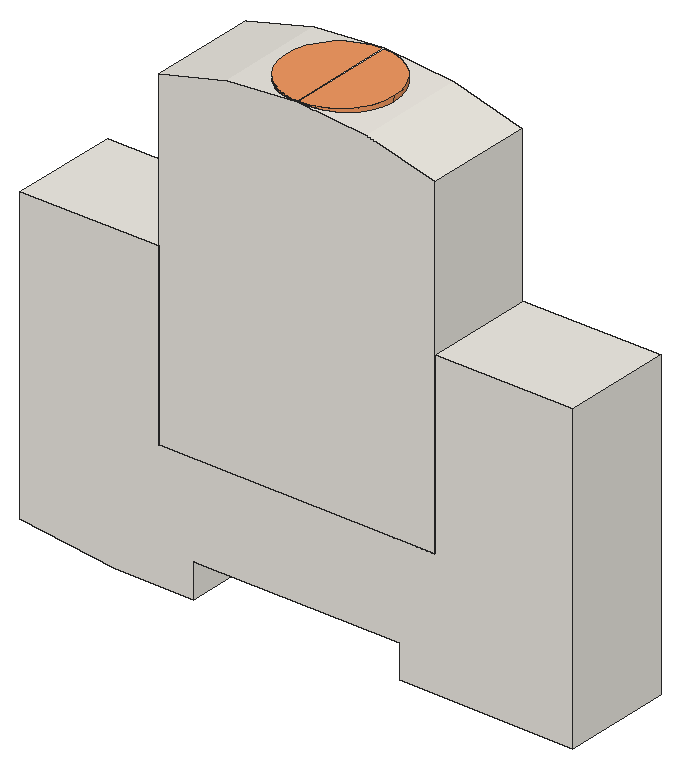
Revit family "Kombiableiter V50, 1-polig", category Generic Models, Revit 2015
Parameters (values of type "V50-1-385")
  Width = 90 mm
  URL = "http://www.obo-bettermann.com"
  Material 2 = PA 66/6 FR HF RAL 2003
  Material = PA 66/6 FR HF RAL 9010
  Manufacturer Art.No. = "5093572"
  Manufacturer = "OBO Bettermann"
  Length = 17.8 mm
  Height = 78.5 mm
  GTIN = "4012196398553"
  Article Type = "V50-1-385"
Types (5, lengths in mm): name | Manufacturer Art.No. | GTIN | Article Type
  (no name) | "5093572" | "4012196398553" | "V50-1-385"
  V50-1-150 | "5093440" | "4012196398638" | "V50-1-150"
  V50-1-280 | "5093500" | "4012196412952" | "V50-1-280"
  V50-1-320 | "5093540" | "4012196398447" | "V50-1-320"
  V50-1-385 | "5093572" | "4012196398553" | "V50-1-385"
Reference planes
  plane 1 "Center (Front/Back)": y = 0
  plane 2: z = 0
  plane 3 "Center (Left/Right)": x = 0
  plane 4: y = 17.8
  plane 5: z = 78.5
  plane 6: z = 78.5
  plane 7: z = 77.5
Forms (mm)
  Extrusion 1, solid, material "PA 66/6 FR HF RAL 9010" <- "Material"
    sketch origin (0, 0, 0) x (1, 0, 0) y (0, 0, 1)
      loop
        line (-29.35, 0) -> (-16.75, 0) -> (-16.75, 5.5) -> (16.75, 5.5) -> (16.75, 0) -> (45, 0) -> (45, 49.5) -> (22.5, 49.5) -> (22.5, 20.5) -> (-22.5, 20.5) -> (-22.5, 49.5) -> (-45, 49.5) -> (-45, 1.922) -> (-29.35, 0)
    from -17.8 to 0
  Extrusion 2, solid, material "PA 66/6 FR HF RAL 9010" <- "Material"
    sketch origin (0, 0, 0) x (1, 0, 0) y (0, 0, 1)
      loop
        line (-22.5, 20.5) -> (22.5, 20.5) -> (22.5, 74.639)
        arc (22.5, 74.639) -> (0, 78.5) -> (-22.5, 74.639) r 67.488
        line (-22.5, 74.639) -> (-22.5, 20.5)
    from -17.8 to 0
  Extrusion 3, solid, material "PA 66/6 FR HF RAL 2003" <- "Material 2"
    sketch origin (0, 0, 0) x (1, 0, 0) y (0, 1, 0)
      loop
        circle (0, 8.9) r 8.75
    from 77.5 to 78.5
Dimensions and locks
  locked: Extrusion 1 sketch curve to Extrusion 1 sketch curve at 33.5
  locked: plane 3 "Center (Left/Right)" to Extrusion 1 sketch curve at 16.75
  locked: Extrusion 1 sketch curve to level at 5.5
  "Width": Extrusion 1 sketch curve to Extrusion 1 sketch curve
  equal spacing: Extrusion 1 sketch curve, plane 3 "Center (Left/Right)", Extrusion 1 sketch curve, locked at 45 each
  locked: Extrusion 1 sketch curve to Extrusion 1 sketch curve at 44
  locked: Extrusion 1 sketch curve to Extrusion 1 sketch curve at 45
  equal spacing: Extrusion 1 sketch curve, plane 3 "Center (Left/Right)", Extrusion 1 sketch curve, locked at 22.5 each
  locked: Extrusion 1 sketch curve to Extrusion 1 sketch curve at 29
  locked: Extrusion 1 sketch curve to Extrusion 1 sketch curve at 15.65
  locked: Extrusion 1 sketch curve to level at 1.922
  "Length": plane 1 "Center (Front/Back)" to plane 4
  "Height": plane 5 to level
  locked: Extrusion 2 sketch curve to Extrusion 1 at 54.139
  locked: Extrusion 2 to Extrusion 3 sketch curve at 8.9
  "Height": plane 6 to level
  locked: plane 6 to plane 7 at 1
  radius of Extrusion 2 sketch curve = 67.488 mm
  radius of Extrusion 3 sketch curve = 8.75 mm
  aligned and locked: level to plane 2
  aligned and locked: Extrusion 1 sketch curve to level  (x2)
  aligned and locked: Extrusion 1 sketch curve to Extrusion 1 sketch curve
  aligned and locked: plane 4 to Extrusion 1
  aligned and locked: plane 1 "Center (Front/Back)" to Extrusion 1
  aligned and locked: Extrusion 2 sketch curve to Extrusion 1  (x3)
  aligned and locked: Extrusion 2 sketch curve to Extrusion 2 sketch curve
  aligned and locked: Extrusion 1 to Extrusion 2
  aligned and locked: plane 1 "Center (Front/Back)" to Extrusion 2
  aligned and locked: plane 6 to Extrusion 3
  aligned and locked: Extrusion 3 to plane 7
Automatic sketch dimensions
  Extrusion 3 sketch curve to plane 3 "Center (Left/Right)" = 0 mm
